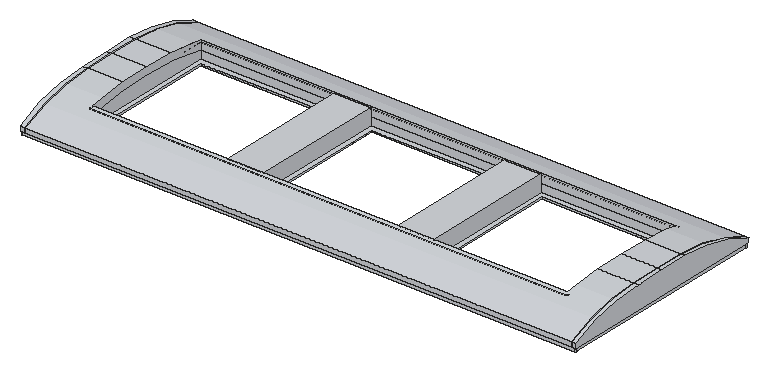
Revit family "Gira_0213733", category Electrical Fixtures, host Face, Revit 2017
Family settings
  Host = Face
  Maintain Annotation Orientation = No
  Round Connector Dimension = Use Diameter
  Part Type = Normal
  Cut with Voids When Loaded = No
  Shared = No
  Room Calculation Point = No
Parameters (values of type "Abdeckrahmen 3f Zwischenr. RW Gira Event Klar Schwarz")
  Werkstoffgüte = "Thermoplast"
  Werkstoff = "Kunststoff"
  URL = "http://katalog.gira.de/de_DE/datenblatt.html?artikelnr=0213733"
  Transparent = "No"
  Textfeld/Beschriftungsfläche = "No"
  Schutzart (IP) = "IP20"
  Region = "DE"
  Oberfläche = "sonstige"
  Name = "Abdeckrahmen 3f Zwischenr. RW Gira Event Klar Schwarz"
  Montagerichtung = "horizontal und vertikal"
  Mit Montagerahmen = "No"
  Mit Klappdeckel = "No"
  Manufacturer URL = "https://www.gira.de/"
  Keynote = "Event_Rahmen_3fach"
  HeinzeBIM = "https://bimportal.heinze.de/bim/abdeckrahmen-3f-zwischenr-rw-gira-event-klar-schwarz/a051367ecbaf137f4b714f5fea1902034e700dfa"
  Halogenfrei = "Yes"
  HAN = "0213733"
  Geeignet für Unterputz-Installation = "Yes"
  Geeignet für Unterflurkanaldose = "No"
  Geeignet für Geräteeinbaukanal = "No"
  Geeignet für Einbauinstallation = "No"
  GTIN = "4010337068822"
  Farbe = "schwarz"
  Default Elevation = 1219.2 mm
  Data sheet (1) = "https://katalog.gira.de/de_DE/download.html?artikelnr=0213733"
  Category = "Abdeckrahmen"
  Befestigungsart = "Klemmbefestigung"
  Available = "Yes"
  Ausführung der Oberfläche = "glänzend"
  Anzahl der Einheiten vertikal = "3 "
  Anzahl der Einheiten horizontal = "3 "
  Anzahl der Einheiten = "3 "
Reference planes
  plane 1 "Center (Front/Back)": y = 0
  plane 2: z = 0
  plane 3 "Center (Left/Right)": x = 0
Forms (mm)
  Extrusion 1, solid, detail levels fine
    sketch origin (0, 0, 0.05) x (0, 1, 0) y (0, 0, 1)
      loop
        arc (12.445, 9.683) -> (6.223, 9.833) -> (0, 9.85) r 291.636
        arc (0, 9.85) -> (-6.223, 9.833) -> (-12.445, 9.683) r 291.636
        arc (-12.445, 9.683) -> (-29.14, 7.482) -> (-45, 1.823) r 79.728
        line (-45, 1.823) -> (-45, -0.05) -> (-42.086, -0.05)
        arc (-42.086, -0.05) -> (-21.385, 5.559) -> (0, 7.206) r 114.424
        arc (0, 7.206) -> (21.385, 5.559) -> (42.086, -0.05) r 114.424
        line (42.086, -0.05) -> (45, -0.05) -> (45, 1.823)
        arc (45, 1.823) -> (29.14, 7.482) -> (12.445, 9.683) r 79.728
    from -114.3 to 114.3
  Extrusion 2, void, detail levels fine
    sketch origin (0, 0, 0) x (1, 0, 0) y (0, 1, 0)
      loop
        line (-99.355, -28.053) -> (99.355, -28.053) -> (99.355, 28.053) -> (-99.355, 28.053) -> (-99.355, -28.053)
    from 0.724 to 11
  Extrusion 3, solid, detail levels coarse
    sketch origin (0, 0, 0) x (1, 0, 0) y (0, 1, 0)
      loop
        line (-116.3, 45) -> (-116.3, -45) -> (116.3, -45) -> (116.3, 45) -> (-116.3, 45)
    from -1.5 to 9.9
  Extrusion 4, solid, detail levels medium
    sketch origin (0, 0, 0.05) x (0, 1, 0) y (0, 0, 1)
      loop
        arc (12.445, 9.683) -> (6.223, 9.833) -> (0, 9.85) r 291.636
        arc (0, 9.85) -> (-6.223, 9.833) -> (-12.445, 9.683) r 291.636
        arc (-12.445, 9.683) -> (-29.14, 7.482) -> (-45, 1.823) r 79.728
        line (-45, 1.823) -> (-45, -0.05) -> (45, -0.05) -> (45, 1.823)
        arc (45, 1.823) -> (29.14, 7.482) -> (12.445, 9.683) r 79.728
    from -116.3 to 116.3
  Extrusion 5, solid, detail levels fine
    sketch origin (-71.3, 0, -1.5) x (0, 1, 0) y (0, 0, -1)
      loop
        line (45, -3.373) -> (45, -1.5) -> (-45, -1.5) -> (-45, -3.373)
        arc (-45, -3.373) -> (-29.14, -9.032) -> (-12.445, -11.233) r 79.728
        arc (-12.445, -11.233) -> (-6.223, -11.383) -> (0, -11.4) r 291.636
        arc (0, -11.4) -> (6.223, -11.383) -> (12.445, -11.233) r 291.636
        arc (12.445, -11.233) -> (29.14, -9.032) -> (45, -3.373) r 79.728
    from 43 to 45
  Extrusion 6, solid, detail levels fine
    sketch origin (0, 0, 0) x (1, 0, 0) y (0, 1, 0)
      loop
        line (-97.195, 25.7) -> (-97.195, -25.7) -> (-45.395, -25.7) -> (-45.395, 25.7) -> (-97.195, 25.7)
      loop
        line (25.9, -25.7) -> (25.9, 25.7) -> (-25.9, 25.7) -> (-25.9, -25.7) -> (25.9, -25.7)
      loop
        line (-100.19, 28.49) -> (-100.19, -28.495)
        spline (-100.19, -28.495) -> (-100.181, -28.625) -> (-100.156, -28.754) -> (-100.113, -28.878) -> (-100.056, -28.995) -> (-99.983, -29.104) -> (-99.897, -29.202) -> (-99.798, -29.288) -> (-99.69, -29.361) -> (-99.572, -29.419) -> (-99.448, -29.461) -> (-99.32, -29.486) -> (-99.19, -29.495)
        line (-99.19, -29.495) -> (99.195, -29.495)
        spline (99.195, -29.495) -> (99.325, -29.486) -> (99.454, -29.461) -> (99.578, -29.419) -> (99.695, -29.361) -> (99.804, -29.288) -> (99.902, -29.202) -> (99.988, -29.104) -> (100.061, -28.995) -> (100.119, -28.878) -> (100.161, -28.754) -> (100.186, -28.625) -> (100.195, -28.495)
        line (100.195, -28.495) -> (100.195, 28.49)
        spline (100.195, 28.49) -> (100.186, 28.62) -> (100.161, 28.748) -> (100.119, 28.872) -> (100.061, 28.99) -> (99.988, 29.098) -> (99.902, 29.197) -> (99.804, 29.283) -> (99.695, 29.356) -> (99.578, 29.413) -> (99.454, 29.456) -> (99.325, 29.481) -> (99.195, 29.49)
        line (99.195, 29.49) -> (-99.19, 29.49)
        spline (-99.19, 29.49) -> (-99.32, 29.481) -> (-99.448, 29.456) -> (-99.572, 29.413) -> (-99.69, 29.356) -> (-99.798, 29.283) -> (-99.897, 29.197) -> (-99.983, 29.098) -> (-100.056, 28.99) -> (-100.113, 28.872) -> (-100.156, 28.748) -> (-100.181, 28.62) -> (-100.19, 28.49)
      loop
        line (97.2, -25.7) -> (97.2, 25.7) -> (45.4, 25.7) -> (45.4, -25.7) -> (97.2, -25.7)
    from 0.1 to 7.3
  Extrusion 7, solid
    sketch origin (0, 0, 0) x (1, 0, 0) y (0, 1, 0)
      loop
        arc (-116, -44.2) -> (-115.854, -44.554) -> (-115.5, -44.7) r 0.5
        line (-115.5, -44.7) -> (115.5, -44.7)
        arc (115.5, -44.7) -> (115.854, -44.554) -> (116, -44.2) r 0.5
        line (116, -44.2) -> (116, 44.2)
        arc (116, 44.2) -> (115.854, 44.554) -> (115.5, 44.7) r 0.5
        line (115.5, 44.7) -> (-115.5, 44.7)
        arc (-115.5, 44.7) -> (-115.854, 44.554) -> (-116, 44.2) r 0.5
        line (-116, 44.2) -> (-116, -44.2)
      loop
        line (-114.3, 43) -> (-114.3, -43) -> (114.3, -43) -> (114.3, 43) -> (-114.3, 43)
    from -1.5 to 0.5
  Extrusion 8, solid, detail levels fine
    sketch origin (71.3, 0, -1.5) x (0, 1, 0) y (0, 0, 1)
      loop
        arc (45, 3.373) -> (29.14, 9.032) -> (12.445, 11.233) r 79.728
        arc (12.445, 11.233) -> (6.223, 11.383) -> (0, 11.4) r 291.636
        arc (0, 11.4) -> (-6.223, 11.383) -> (-12.445, 11.233) r 291.636
        arc (-12.445, 11.233) -> (-29.14, 9.032) -> (-45, 3.373) r 79.728
        line (-45, 3.373) -> (-45, 1.5) -> (45, 1.5) -> (45, 3.373)
    from 43 to 45
  Extrusion 9, solid, detail levels medium
    sketch origin (0, 0, 0) x (1, 0, 0) y (0, 1, 0)
      loop
        line (-116, -44.7) -> (116, -44.7) -> (116, 44.7) -> (-116, 44.7) -> (-116, -44.7)
    from -1.5 to 0.5
  Extrusion 10, solid, detail levels fine
    sketch origin (-34.207, 0, 0) x (1, 0, 0) y (0, 1, 0)
      loop
        line (-8.943, 28.063) -> (-8.943, -27.937) -> (6.057, -27.937) -> (6.057, 28.063) -> (-8.943, 28.063)
    from 0.724 to 7.566
  Extrusion 11, solid, detail levels fine
    sketch origin (34.207, 0, 0) x (-1, 0, 0) y (0, -1, 0)
      loop
        line (-8.943, -28.063) -> (6.057, -28.063) -> (6.057, 27.937) -> (-8.943, 27.937) -> (-8.943, -28.063)
    from 0.724 to 7.566
Cuts and joins
  Extrusion 2 cuts Extrusion 1
  Extrusion 2 cuts Extrusion 6
Dimensions and locks
  aligned and locked: plane 2 to host face
  aligned and locked: level to host face
